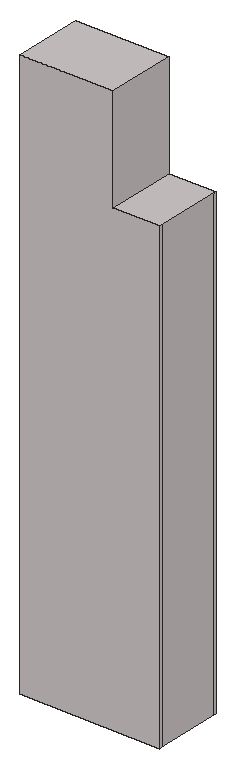
Revit family "1df77533d0374a29b1796b99cf0bf203", category Structural Columns, Revit 2021
Family settings
  Display in Hidden Views = Edges Hidden by Other Members
  Section Shape = Not Defined
  Material for Model Behavior = Precast Concrete
  Always export as geometry = No
  Beam cutback in plan = From bounding box
  OmniClass Number = 23.25.30.11.14.11
  OmniClass Title = Columns
  Seek Item ID = Precast-Rectangular Column with Bearing-0000-USA-ENU
  Cut with Voids When Loaded = No
  Symbolic Representation = From Family
  Shared = No
  Show family pre-cut in plan views = Yes
Parameters (values of type "24"x12" with One Side Seat")
  TransChamfer = if(Chamfer = 0' 0", 0' 0.3937", Chamfer)  # 0' - 0.3937"
  Tie Rod Weight [instance] = 30
  Tie Rod W [instance] = (Tie Rod Weight) * 2.20313 kip / 1000  # 0.0660938 kip
  Structural Material [instance] = Concrete, Precast
  Single Rebar Weight [instance] = 50
  Single Rebar W [instance] = (Single Rebar Weight * 2.20313 kip) / 1000  # 0.110156 kip
  Rebar Grids Weight [instance] = 100
  Rebar Grids W [instance] = (Rebar Grids Weight * 2.20313 kip) / 1000  # 0.220313 kip
  Opening Depth [instance] = if(Opening, h, 0' 0")  # 0' - 0"
  Double Sides = no
  Seat Depth Right [instance] = 0' - 8"
  Seat Depth Left [instance] = 0' - 8"
  Seat Depth 1 [instance] = if(not(Double Sides), 0' 0", Seat Depth Left)  # 0' - 0"
  Opening Distance [instance] = 4' - 0"
  Seat Height [instance] = 1' - 6"
  Opening Radius [instance] = 0' - 2"
  Opening = no
  b = 2' - 0"
  h = 1' - 0"
  Chamfer = 0' - 0"
Types (4): name | Opening Depth | Double Sides | Seat Depth 1 | Opening
  (no name) | 0' - 0" | no | 0' - 0" | no
  24"x12" with Double Sides Seat | 0' - 0" | yes | 0' - 8" | no
  24"x12" with One Side Seat | 0' - 0" | no | 0' - 0" | no
  24"x12" with Double Sides Seat and Opening | 1' - 0" | yes | 0' - 8" | yes
Reference planes (in)
  plane 1 "Center (Front/Back)": y = 0
  plane 2: z = 0
  plane 3 "Center (Left/Right)": x = 0
  plane 4: x = -12
  plane 5: y = -6
  plane 6: x = 12
  plane 7: y = 6
  plane 8: x = 4
  plane 9: z = 80.4252
  plane 10: x = -12
  plane 11: z = 50.4252
  plane 12: y = 6.7874
  plane 13: x = -12
  plane 14: x = 12
  plane 15: y = -5.6063
  plane 16: y = 5.6063
Forms (in)
  Extrusion 1, solid, material "Concrete, Precast" <- "Structural Material"
    sketch origin (0, 0, 0) x (1, 0, 0) y (0, 1, 0)
      loop
        line (-12, 6) -> (-12, 5.6063) -> (-12, -5.6063) -> (-12, -6) -> (12, -6) -> (12, -5.6063) -> (12, 5.6063) -> (12, 6) -> (-12, 6)
    from 0 to 98.4252
  Extrusion 2, void
    sketch origin (-1.5748, 0, 0) x (-1, 0, 0) y (0, 0, 1)
      loop
        circle (-1.5748, 50.4252) r 2
    from 6 to 6.7874
  Extrusion 3, void
    sketch origin (0, 0, 0) x (-1, 0, 0) y (0, 0, 1)
      loop
        line (12, 80.4252) -> (12.19685, 80.4252) -> (12.19685, 98.4252) -> (12, 98.4252) -> (12, 80.4252)
      loop
        line (-12, 80.4252) -> (-4, 80.4252) -> (-4, 98.4252) -> (-12, 98.4252) -> (-12, 80.4252)
    from -6 to 6
Cuts and joins
  Extrusion 2, Extrusion 3 cuts Extrusion 1
Dimensions and locks (in)
  "Seat Height": level to plane 9
  "Opening Distance": level to plane 11
  equal spacing: plane 7, plane 1 "Center (Front/Back)", plane 5
  "b": plane 4 to plane 6
  equal spacing: plane 4, plane 3 "Center (Left/Right)", plane 6
  "h": plane 5 to plane 7
  "Seat Depth 1": plane 4 to plane 10
  "Seat Depth Right": plane 8 to plane 6
  locked: Extrusion 3 sketch curve to plane 4 at 0.19685
  locked: plane 12 to plane 7 at 0.7874
  "Opening Depth": plane 7 to cut or joined group of Extrusion 1, Extrusion 2, Extrusion 3
  "Chamfer": plane 4 to plane 13
  "Chamfer": plane 14 to plane 6
  "TransChamfer": plane 7 to plane 16
  "TransChamfer": plane 15 to plane 5
  "Opening Radius": radius of Extrusion 2 sketch curve
  aligned and locked: level to Extrusion 1
  aligned and locked: level to plane 2
  aligned and locked: Extrusion 1 to plane 2
  aligned and locked: plane 11 to Extrusion 2 sketch curve
  aligned and locked: Extrusion 1 sketch curve to plane 4
  aligned and locked: plane 6 to Extrusion 1 sketch curve
  aligned and locked: Extrusion 1 sketch curve to plane 5
  aligned and locked: Extrusion 1 sketch curve to plane 7
  aligned and locked: Extrusion 3 sketch curve to level  (x2)
  aligned and locked: Extrusion 3 sketch curve to plane 10
  aligned and locked: plane 8 to Extrusion 3 sketch curve
  aligned and locked: plane 9 to Extrusion 3 sketch curve  (x2)
  aligned and locked: Extrusion 1 to Extrusion 3
  aligned and locked: Extrusion 3 to Extrusion 1
  aligned and locked: plane 3 "Center (Left/Right)" to Extrusion 2 sketch curve
  aligned and locked: Extrusion 3 sketch curve to plane 6
  aligned and locked: Extrusion 2 to plane 12
  aligned and locked: plane 13 to Extrusion 1 sketch curve  (x2)
  aligned and locked: plane 14 to Extrusion 1 sketch curve  (x2)
  aligned and locked: plane 16 to Extrusion 1 sketch curve  (x2)
  aligned and locked: plane 15 to Extrusion 1 sketch curve  (x2)
